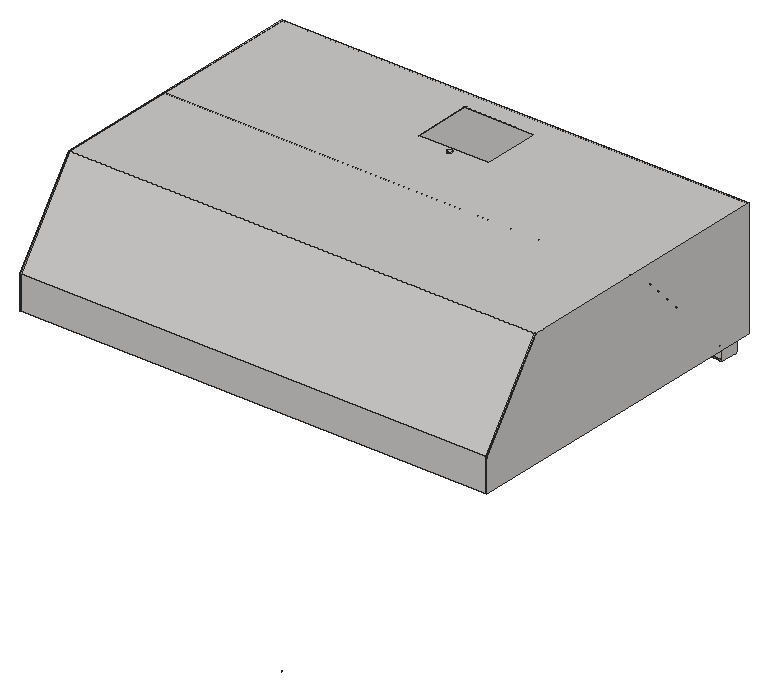
Revit family "QF_ELECTROLUXPROFESSIONAL_644230_ABPV1420BT", category Attrezzature speciali, Revit 2021
Family settings
  Quota connettore circolare = Usa diametro
  Tipo di parte = Normale
  Basato su piano di lavoro = No
  Sempre verticale = Sì
  Taglio con vuoti quando caricato = No
  Condiviso = No
  Punto di calcolo locali = No
Parameters (values of type "Standard")
  Weight = 73.00 kg
  Watts = 420 W
  Volts = 220 V
  URL Manufacturer = "https://www.electroluxprofessional.com/"
  URL = "https://www.electroluxprofessional.com/"
  Steam Supply Size = 0 mm
  Steam Supply Minimum Pressure = 0.0 Pa
  Steam Supply Maximum Pressure = 0.0 Pa
  Steam Consumption per Hour = 0
  Refrigeration Suction Line Size = 0 mm
  Refrigeration Liquid Line Size = 0 mm
  Refrigerant Compressor Remote = yes
  Prospetto di default = 0 mm
  Produttore = "Electrolux Professional"
  Phase = 1
  Modello = "ABPV1420BT"
  Length Actual = 2000 mm  # constant formula
  Item Number = "644230"
  Hot Water Size = 0 mm
  Height Actual = 500 mm  # constant formula
  HP = "0.6 HP"
  Gas Size = 0 mm
  Gas KW = 0
  Gas Input Pressure = 0 W
  Direct Waste Size = 0 mm
  Descrizione = "430 S/S WALL HOOD+FILTER+FAN 2000X1400MM"
  Depth Actual = 1400 mm  # constant formula
  Cycle = 50 Hz
  Condensate Return Size = 0 mm
  Compressed Air Volume = 0.0 L/s
  Compressed Air Size = 0 mm
  Compressed Air Pressure = 0.0 Pa
  Cold Water Size = 0 mm
  Accessory = yes
Reference planes
  plane 1: z = 0
  plane 2 "Center (Left/Right)": x = 150
  plane 3 "LEFT": x = -850
  plane 4 "RIGHT": x = 1150
  plane 5 "BACK": y = 550
  plane 6 "TOP": z = 2500
  plane 7 "Base": z = 2000
  plane 8: z = 1926
  plane 9 "DrainY": y = 485
  plane 10: x = -847
  plane 11: through (0, 414.509, 2000.8) normal (0, 0.7314, 0.682)
  plane 12: y = 470
  plane 13: y = 220
  plane 14 "DrainX": x = 1030
  plane 15: x = 0
  plane 16: x = 300
  plane 17: x = 1147
  plane 18: x = 940
  plane 19: x = 1120
  plane 20: x = -810
  plane 21: x = 1110
  plane 22: x = -47.5
  plane 23: x = 347.5
  plane 24: z = 2140.01
  plane 25: y = 200
  plane 26 "Center (Front/Back)": y = -150
  plane 27 "Front": y = -850
  plane 28: y = -590
Forms (mm)
  Extrusion 1, solid, material "QF_Finishes_Stainless Steel"
    sketch origin (-850, 0, 360) x (0, 1, 0) y (0, 0, 1)
      loop
        line (550, 1640) -> (550, 2140) -> (-590, 2140) -> (-850, 1780.01) -> (-850, 1640) -> (550, 1640)
    from 0 to 3
  Extrusion 2, solid, material "QF_Finishes_Stainless Steel"
    sketch origin (150, 0, 360) x (0, 1, 0) y (0, 0, 1)
      loop
        line (415.255, 1640) -> (550, 1640) -> (550, 2139.19) -> (549.2, 2139.19) -> (549.2, 1640.8) -> (415.876, 1640.8) -> (339.347, 1722.867) -> (349.609, 1732.436) -> (348.927, 1733.167) -> (337.934, 1722.917) -> (415.255, 1640)
      loop
        line (-82.203, 2139.19) -> (-82.203, 2118.6) -> (-31.047, 2118.6) -> (34.354, 2048.466) -> (46.028, 2059.352) -> (45.346, 2060.083) -> (34.403, 2049.879) -> (-30.612, 2119.6) -> (-81.203, 2119.6) -> (-81.203, 2139.19) -> (-82.203, 2139.19)
    from -997 to 997
  Extrusion 3, solid, material "QF_Finishes_Stainless Steel"
    sketch origin (1150, 0, 360) x (0, 1, 0) y (0, 0, 1)
      loop
        line (550, 1640) -> (550, 2140) -> (-590, 2140) -> (-850, 1780.01) -> (-850, 1640) -> (550, 1640)
    from 0 to -3
  Extrusion 4, solid, material "QF_Finishes_Stainless Steel"
    sketch origin (150, 0, 360) x (0, 1, 0) y (0, 0, 1)
      loop
        line (-850, 1780.01) -> (-850, 1640) -> (-849.2, 1640) -> (-849.2, 1779.751) -> (-589.598, 2139.19) -> (550, 2139.19) -> (550, 2140) -> (-590, 2140) -> (-850, 1780.01)
    from -1000 to 1000
  Extrusion 5, solid, material "QF_Finishes_Stainless Steel"
    sketch origin (150, 0, 360) x (0, 1, 0) y (0, 0, 1)
      loop
        line (534, 1640) -> (436, 1640) -> (436, 1627) -> (443.5, 1627) -> (443.5, 1576)
        arc (443.5, 1576) -> (446.429, 1568.929) -> (453.5, 1566) r 10
        line (453.5, 1566) -> (516.5, 1566)
        arc (516.5, 1566) -> (523.571, 1568.929) -> (526.5, 1576) r 10
        line (526.5, 1576) -> (526.5, 1627) -> (534, 1627) -> (534, 1640)
    from 790 to 970
  Extrusion 6, solid, material "QF_Finishes_Stainless Steel"
    sketch origin (0, 0, 2000) x (0, 1, 0) y (-1, 0, 0)
      loop
        circle (485, -1030) r 20
    from -76 to -74
  Extrusion 7, solid, material "QF_Finished_Chrome"
    sketch origin (150, 0, 360) x (0, 1, 0) y (0, 0, 1)
      loop
        line (337.934, 1722.917) -> (341.591, 1726.327) -> (38.011, 2051.876) -> (34.354, 2048.466) -> (337.934, 1722.917)
    from -197.5 to -960
  Extrusion 8, solid, material "QF_Finishes_Stainless Steel"
    sketch origin (150, 0, 360) x (0, 1, 0) y (0, 0, 1)
      loop
        line (337.934, 1722.917) -> (341.591, 1726.327) -> (38.011, 2051.876) -> (34.354, 2048.466) -> (337.934, 1722.917)
    from 997 to 960
  Extrusion 9, solid, material "QF_Finished_Chrome"
    sketch origin (150, 0, 360) x (0, 1, 0) y (0, 0, 1)
      loop
        line (341.588, 1726.324) -> (38.009, 2051.874) -> (34.354, 2048.466) -> (337.934, 1722.917) -> (341.588, 1726.324)
    from 197.5 to 960
  Extrusion 10, void
    sketch origin (0, 0, 2500) x (0, 1, 0) y (-1, 0, 0)
      loop
        line (470, -300) -> (470, 0) -> (220, 0) -> (220, -300) -> (470, -300)
    from 0 to -10
  Extrusion 11, solid, material "QF_Finishes_Stainless Steel"
    sketch origin (0, 0, 0) x (1, 0, 0) y (0, 1, 0)
      loop
        line (-850, 550) -> (-850, 549) -> (-849, 549) -> (-849, 550) -> (-850, 550)
    from 0 to 1
  Extrusion 12, solid, material "QF_Finishes_Stainless Steel"
    sketch origin (150, 0, 360) x (0, 1, 0) y (0, 0, 1)
      loop
        line (337.934, 1722.917) -> (341.591, 1726.327) -> (38.011, 2051.876) -> (34.354, 2048.466) -> (337.934, 1722.917)
    from -960 to -997
  Extrusion 13, solid, material "QF_Finishes_Stainless Steel"
    sketch origin (150, 0, 360) x (0, 1, 0) y (0, 0, 1)
      loop
        line (337.934, 1722.917) -> (341.591, 1726.327) -> (38.011, 2051.876) -> (34.354, 2048.466) -> (337.934, 1722.917)
    from 197.5 to -197.5
  Extrusion 14, solid, material "QF_Finishes_Stainless Steel"
    sketch origin (0, 0, 2500) x (0, 1, 0) y (-1, 0, 0)
      loop
        circle (200, -150) r 10
    from 0 to 1.6
Cuts and joins
  Extrusion 10 cuts Extrusion 4
  joined: Extrusion 2, Extrusion 4
Lines and regions (mm)
  reference lines
    curve 1: line (150, 34.354, 2408.466) -> (150, 34.354, 2248.466)
  symbolic lines, style "SpecialityEquipment", detail levels coarse
    curve 2: line (1150, 550, 2500) -> (-850, 550, 2500)
    curve 3: line (-850, 550, 2500) -> (-850, -850, 2500)
    curve 4: line (1150, -850, 2500) -> (1150, 550, 2500)
    curve 5: line (-850, -850, 2500) -> (1150, -850, 2500)
    curve 6: line (300, 220, 2500) -> (0, 220, 2500)
    curve 7: line (300, 470, 2500) -> (300, 220, 2500)
    curve 8: line (0, 470, 2500) -> (300, 470, 2500)
    curve 9: line (0, 220, 2500) -> (0, 470, 2500)
    curve 10: line (-850.423, -590, 0) -> (1150, -590, 0)
    curve 11: line (-850, 550, 0) -> (1150, -590, 0)
    curve 12: line (-850.423, -590, 0) -> (1150, 550, 0)
Dimensions and locks
  plane 3 "LEFT" to plane 4 "RIGHT" = 2000 mm
  equal spacing: plane 3 "LEFT", plane 2 "Center (Left/Right)", plane 4 "RIGHT"
  locked: plane 6 "TOP" to plane 7 "Base" at 500
  plane 7 "Base" to plane 8 = 74 mm
  plane 5 "BACK" to plane 9 "DrainY" = 65 mm  (x2)
  plane 3 "LEFT" to plane 10 = 3 mm
  plane 5 "BACK" to plane 12 = 80 mm
  plane 12 to plane 13 = 250 mm  (x2)
  plane 14 "DrainX" to plane 4 "RIGHT" = 120 mm
  plane 17 to plane 4 "RIGHT" = 3 mm
  locked: plane 18 to plane 14 "DrainX" at 90
  locked: plane 14 "DrainX" to plane 19 at 90
  plane 12 to plane 5 "BACK" = 80 mm
  locked: plane 3 "LEFT" to plane 20 at 40
  locked: plane 21 to plane 4 "RIGHT" at 40
  locked: plane 22 to plane 23 at 395
  equal spacing: plane 22, plane 2 "Center (Left/Right)", plane 23
  locked: plane 15 to plane 16 at 300
  equal spacing: plane 15, plane 2 "Center (Left/Right)", plane 16
  plane 7 "Base" to level = 2000 mm
  plane 24 to plane 7 "Base" = 140.01 mm
  plane 13 to plane 25 = 20 mm
  plane 5 "BACK" to plane 27 "Front" = 1400 mm  (x2)
  equal spacing: plane 5 "BACK", plane 26 "Center (Front/Back)", plane 27 "Front"
  plane 28 to plane 27 "Front" = 260 mm
  aligned and locked: level to plane 1
  aligned and locked: Extrusion 2 to Extrusion 1
  aligned and locked: Extrusion 2 to Extrusion 3
  aligned and locked: plane 4 "RIGHT" to Extrusion 4
  aligned and locked: Extrusion 4 to plane 3 "LEFT"
  aligned and locked: plane 17 to Extrusion 8
  aligned and locked: Extrusion 10 to plane 15
  aligned and locked: Extrusion 10 to plane 13
  aligned and locked: Extrusion 10 to plane 12
  aligned and locked: Extrusion 2 to Extrusion 4
  aligned and locked: plane 19 to Extrusion 5
  aligned and locked: Extrusion 5 to plane 18
  aligned and locked: Extrusion 8 to plane 21
  aligned and locked: Extrusion 9 to plane 21
  aligned and locked: Extrusion 7 to plane 20
  aligned and locked: Extrusion 12 to plane 10
  aligned and locked: plane 20 to Extrusion 12
  aligned and locked: Extrusion 3 to plane 17
  aligned and locked: Extrusion 10 to plane 16
  aligned and locked: plane 16 to curve 7
  aligned and locked: plane 23 to Extrusion 13
  aligned and locked: Extrusion 13 to plane 22
  aligned and locked: Extrusion 9 to plane 23
Automatic sketch dimensions
  curve 5 to plane 4 "RIGHT" = 0 mm
  curve 6 to plane 13 = 0 mm
  plane 12 to curve 8 = 0 mm
  curve 3 to plane 3 "LEFT" = 0 mm
  curve 3 to plane 5 "BACK" = 0 mm
  curve 6 to plane 15 = 0 mm
  Extrusion 2 sketch curve to plane 11 = 0 mm  (x3)
  Extrusion 2 sketch curve to plane 7 "Base" = 0 mm
  plane 11 to Extrusion 2 sketch curve = 0 mm
  Extrusion 2 sketch curve to plane 5 "BACK" = 0 mm
  Extrusion 2 sketch curve to Extrusion 2 sketch curve = 65.646 mm
  Extrusion 2 sketch curve to Extrusion 2 sketch curve = 0.682 mm  (x2)
  Extrusion 2 sketch curve to Extrusion 2 sketch curve = 10.261 mm
  plane 7 "Base" to Extrusion 2 sketch curve = 82.917 mm
  Extrusion 2 sketch curve to Extrusion 2 sketch curve = 10.942 mm
  Extrusion 2 sketch curve to Extrusion 2 sketch curve = 0.049 mm
  Extrusion 2 sketch curve to plane 6 "TOP" = 20.4 mm
  Extrusion 2 sketch curve to plane 6 "TOP" = 21.4 mm
  Extrusion 2 sketch curve to plane 6 "TOP" = 0.81 mm  (x2)
  Extrusion 2 sketch curve to Extrusion 2 sketch curve = 50.156 mm
  Extrusion 2 sketch curve to Extrusion 2 sketch curve = 1 mm
  plane 7 "Base" to Extrusion 2 sketch curve = 0.8 mm
  Extrusion 2 sketch curve to plane 5 "BACK" = 0.8 mm
  curve 1 to plane 11 = 0 mm
  Extrusion 5 sketch curve to plane 7 "Base" = 0 mm
  Extrusion 5 sketch curve to plane 8 = 0 mm
  Extrusion 5 sketch curve to plane 7 "Base" = 13 mm  (x2)
  plane 12 to Extrusion 5 sketch curve = 34 mm
  Extrusion 5 sketch curve to Extrusion 5 sketch curve = 7.5 mm  (x2)
  Extrusion 5 sketch curve to Extrusion 5 sketch curve = 10 mm
  plane 9 "DrainY" to Extrusion 5 sketch curve = 31.5 mm
  Extrusion 5 sketch curve to plane 5 "BACK" = 23.5 mm
  Extrusion 6 sketch curve to plane 9 "DrainY" = 0 mm
  Extrusion 6 sketch curve to plane 14 "DrainX" = 0 mm
  Extrusion 7 sketch curve to plane 11 = 0 mm  (x2)
  Extrusion 7 sketch curve to Extrusion 7 sketch curve = 3.657 mm
  plane 7 "Base" to Extrusion 7 sketch curve = 82.917 mm
  Extrusion 8 sketch curve to plane 11 = 0 mm  (x2)
  Extrusion 8 sketch curve to Extrusion 8 sketch curve = 3.657 mm
  plane 7 "Base" to Extrusion 8 sketch curve = 82.917 mm
  Extrusion 9 sketch curve to plane 11 = 0 mm  (x2)
  Extrusion 9 sketch curve to Extrusion 9 sketch curve = 3.655 mm
  plane 7 "Base" to Extrusion 9 sketch curve = 82.917 mm
  Extrusion 10 sketch curve to plane 13 = 0 mm
  plane 12 to Extrusion 10 sketch curve = 0 mm
  Extrusion 10 sketch curve to plane 16 = 0 mm
  Extrusion 10 sketch curve to plane 15 = 0 mm
  Extrusion 11 sketch curve to plane 3 "LEFT" = 0 mm
  Extrusion 11 sketch curve to plane 5 "BACK" = 0 mm
  plane 3 "LEFT" to Extrusion 11 sketch curve = 1 mm
  Extrusion 11 sketch curve to Extrusion 11 sketch curve = 1 mm
  Extrusion 12 sketch curve to plane 11 = 0 mm  (x2)
  Extrusion 12 sketch curve to Extrusion 12 sketch curve = 3.657 mm
  plane 7 "Base" to Extrusion 12 sketch curve = 82.917 mm
  Extrusion 13 sketch curve to plane 11 = 0 mm  (x2)
  Extrusion 13 sketch curve to Extrusion 13 sketch curve = 3.657 mm
  plane 7 "Base" to Extrusion 13 sketch curve = 82.917 mm
  Extrusion 4 sketch curve to plane 7 "Base" = 0 mm
  Extrusion 4 sketch curve to plane 6 "TOP" = 0 mm
  Extrusion 4 sketch curve to plane 5 "BACK" = 0 mm
  Extrusion 4 sketch curve to Extrusion 4 sketch curve = 0.8 mm
  plane 7 "Base" to Extrusion 4 sketch curve = 140.01 mm
  Extrusion 4 sketch curve to Extrusion 4 sketch curve = 0.81 mm
  Extrusion 4 sketch curve to Extrusion 4 sketch curve = 0.259 mm
  Extrusion 4 sketch curve to Extrusion 4 sketch curve = 0.402 mm
  Extrusion 3 sketch curve to plane 6 "TOP" = 0 mm
  Extrusion 3 sketch curve to plane 5 "BACK" = 0 mm
  Extrusion 3 sketch curve to plane 7 "Base" = 0 mm
  plane 7 "Base" to Extrusion 3 sketch curve = 140.01 mm
  Extrusion 1 sketch curve to plane 6 "TOP" = 0 mm
  Extrusion 1 sketch curve to plane 5 "BACK" = 0 mm
  Extrusion 1 sketch curve to plane 7 "Base" = 0 mm
  plane 7 "Base" to Extrusion 1 sketch curve = 140.01 mm
  curve 1 to curve 1 = 160 mm
  Extrusion 14 sketch curve to plane 2 "Center (Left/Right)" = 0 mm
  Extrusion 14 sketch curve to plane 25 = 0 mm
  Extrusion 1 sketch curve to Extrusion 1 sketch curve = 260 mm
  Extrusion 3 sketch curve to Extrusion 3 sketch curve = 260 mm
  Extrusion 4 sketch curve to Extrusion 4 sketch curve = 259.602 mm
  curve 5 to plane 25 = 1050 mm
  Extrusion 1 sketch curve to plane 25 = 790 mm
  Extrusion 2 sketch curve to plane 6 "TOP" = 91.534 mm
  Extrusion 3 sketch curve to plane 25 = 790 mm
  Extrusion 4 sketch curve to plane 25 = 789.598 mm
  plane 24 to curve 1 = 108.456 mm
  Extrusion 7 sketch curve to plane 6 "TOP" = 88.124 mm
  Extrusion 8 sketch curve to plane 6 "TOP" = 88.124 mm
  Extrusion 9 sketch curve to plane 6 "TOP" = 88.126 mm
  Extrusion 12 sketch curve to plane 6 "TOP" = 88.124 mm
  Extrusion 13 sketch curve to plane 6 "TOP" = 88.124 mm
  curve 11 to plane 3 "LEFT" = 0 mm
  curve 10 to plane 3 "LEFT" = 0.423 mm
  curve 12 to plane 4 "RIGHT" = 0 mm
  curve 10 to plane 4 "RIGHT" = 0 mm
  curve 12 to plane 5 "BACK" = 0 mm
  curve 11 to plane 5 "BACK" = 0 mm
  plane 27 "Front" to curve 11 = 260 mm
  radius of Extrusion 6 sketch curve = 20 mm
  radius of Extrusion 14 sketch curve = 10 mm
Connectors
  piping at (1030, 485, 1924), diameter 20
    settings: on Extrusion 6, index 1, connector inside diameter 609.6 mm, connector length 0 mm, flow factor 0, pipe flow 0.0 L/s, pressure drop 0.0 Pa, fitting loss kfactor 0, connector angle 0.00°, fixture units 0, engagement length 0 mm, angle of deflection 0.00°, flow configuration 1, flow direction 2, fitting loss method 0, system type 16, joint type 0, gender type 0, connector reference index -1, connector utility 0, adjustable connector no, is connector primary yes, connector description "Drain"
  hvac at (150, 345, 2500)
    settings: on Extrusion 10, index 2, duct flow 0.0 L/s, flow factor 0, pres drop 0.0 Pa, loss coef 0, conn angle 0.00°, conn width 250 mm, conn height 300 mm, conn diameter 609.6 mm, duct sys type 3, conn prof type 1, flow config 0, flow direction 2, loss method 0, conn ref index -1, conn util no, is conn primary yes, conn desc "EXHAUST OUTLET"
  electrical at (150, 200, 2501.6), driven by "Volts"
    settings: on Extrusion 14, index 3, voltage 220 V, apparent load 0 VA, apparent load phase1 0 VA, apparent load phase2 0 VA, apparent load phase3 0 VA, power factor 1, load classification "Other", number of poles 1, system type 30, power factor state 1, is connector primary yes, connector utility no, sub classification motor no, connector description "Electrical Connection"
